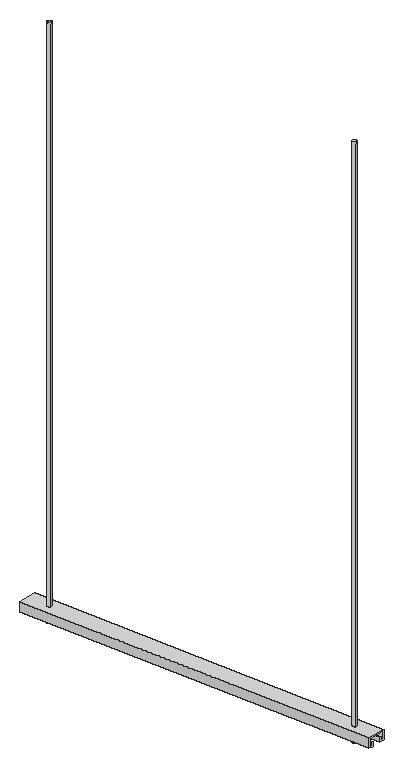
Revit family "LIIS_КрепежВоздуховодов_ТраверсаСоШпильками", category Соединительные детали коробов, Revit 2023
Family settings
  Размер круглого соединителя = Использовать диаметр
  Тип детали = Отвод
  На основе рабочей плоскости = Нет
  Всегда вертикально = Да
  При загрузке вырезать с полостями = Нет
  Общий = Нет
Parameters (values of type "Траверса со шпильками")
  ШпилькаУсиленная = no
  ШпилькаМ = 8 mm
  Ширина воздуховода [instance] = 600 mm
  ТипПрофиля = ♦ : 41x21x1.5
  Расстояние до основания [instance] = 1000 mm
  Профиль41x41x2.5 = ♦ : 41x41x2.5
  Профиль41x41x1.5 = ♦ : 41x41x1.5
  Профиль41x21x2.5 = ♦ : 41x21x2.5
  Профиль41x21x1.5 = ♦ : 41x21x1.5
  Профиль = if(ТипПрофиля = Профиль41x21x1.5, "41x21x1.5", if(ТипПрофиля = Профиль41x21x2.5, "41x21x2.5", if(ТипПрофиля = Профиль41x41x1.5, "41x41x1.5", if(ТипПрофиля = Профиль41x41x2.5, "41x41x2.5", "ТипПрофиля не найден"))))  # "41x21x1.5"
  Отметка по умолчанию = 0 mm
  ЛИИС_ИмяСистемы [instance] = "П1"
  ДлинаАнкера = size_lookup(LT_Анкер, "L", 0 mm, ШпилькаМ)  # 30 mm
  ДополнительнаяГайка = no
  Длина шпильки [instance] = (Высота воздуховода * 0.5 + Расстояние до основания + ДлинаАнкера + B + ВыносШпильки) * 2 / 1000 mm  # 2.527
  Высота воздуховода [instance] = 400 mm
  ВыносШпильки = if(ДополнительнаяГайка, S_Шайба + S_Гайка * 2 + S_Шайба * 2, S_Шайба + S_Гайка + S_Шайба * 2)  # 12.5 mm
  ВылетПрофиля = 100 mm
  X = size_lookup(LT_Профиль, "X", 8 mm, Профиль)  # 10 mm
  W = size_lookup(LT_Профиль, "W", 8 mm, Профиль)  # 9.3 mm
  S_Шайба = size_lookup(LT_Шайба, "s", 0 mm, ШпилькаМ)  # 2 mm
  S_Гайка = size_lookup(LT_Гайка, "m", 0 mm, ШпилькаМ)  # 6.5 mm
  S = size_lookup(LT_Профиль, "S", 1 mm, Профиль)  # 1.5 mm
  LT_Шайба = "Шайба"  # constant formula
  LT_Профиль = "С-образныйПрофиль"  # constant formula
  LT_Гайка = "Гайка"  # constant formula
  LT_Анкер = "Анкер"  # constant formula
  B = size_lookup(LT_Профиль, "B", 20 mm, Профиль)  # 21 mm
  ADSK_Наименование [instance] = size_lookup(LT_Профиль, "", "Решение не найдено", Профиль)  # "Профиль С-образный 41x21x1.5 мм"
  ADSK_Масса [instance] = size_lookup(LT_Профиль, "Massa", 0, Профиль)  # 1.062
  ADSK_Количество [instance] = (Ширина воздуховода + 2 * ВылетПрофиля) / 1000 mm  # 0.8
  ADSK_Единица измерения = "м"  # constant formula
  ADSK_Группирование [instance] = "Крепеж"
  ADSK_URL страницы изделия = "https://www.etm.ru/catalog/1040403670_perfoprofili_s_pokrytiem_holodnyy_cink?conf=33%243105%7C55%2413786%7C989%2468728%7C"
  A = size_lookup(LT_Профиль, "A", 20 mm, Профиль)  # 41 mm
Reference planes
  plane 1 "По центру (Вперед/Назад)": y = 0
  plane 2 "Ось": z = 0
  plane 3 "По центру (Влево/Вправо)": x = 0
  plane 4: x = -300
  plane 5: x = 300
  plane 6 "Верх": z = 200
  plane 7 "Низ": z = -200
  plane 8 "Основание": z = 1000
  plane 9: x = -350
  plane 10: x = -400
  plane 11: x = 350
  plane 12: x = 400
  plane 13: z = -221
  plane 14: z = -233.5
  plane 15: z = -223
  plane 16: z = -229.5
Forms (mm)
  Extrusion 1, solid, material "ADSK_Сталь оцинкованная"
    sketch origin (0, 0, 0) x (0, 1, 0) y (0, 0, 1)
      loop
        line (20.5, -200) -> (-20.5, -200) -> (-20.5, -221) -> (-11.2, -221) -> (-11.2, -211) -> (-12.7, -211) -> (-12.7, -219.5) -> (-19, -219.5) -> (-19, -201.5) -> (19, -201.5) -> (19, -219.5) -> (12.7, -219.5) -> (12.7, -211) -> (11.2, -211) -> (11.2, -221) -> (20.5, -221) -> (20.5, -200)
    from -400 to 400
  Extrusion 2, solid, material "ADSK_Сталь оцинкованная"
    sketch origin (0, 0, 0) x (1, 0, 0) y (0, 1, 0)
      loop
        circle (-350, 0) r 4
      loop
        circle (350, 0) r 4
    from -233.5 to 1000
Dimensions and locks
  equal spacing: plane 6 "Верх", plane 2 "Ось", plane 7 "Низ"
  "Высота воздуховода": plane 6 "Верх" to plane 7 "Низ"
  equal spacing: plane 5, plane 3 "По центру (Влево/Вправо)", plane 4
  "Ширина воздуховода": plane 5 to plane 4
  "Расстояние до основания": plane 8 "Основание" to plane 2 "Ось"
  equal spacing: plane 12, plane 11, plane 5
  "ВылетПрофиля": plane 12 to plane 5
  equal spacing: plane 4, plane 9, plane 10
  "ВылетПрофиля": plane 4 to plane 10
  equal spacing: Extrusion 1 sketch curve, plane 1 "По центру (Вперед/Назад)", Extrusion 1 sketch curve
  "A": Extrusion 1 sketch curve to Extrusion 1 sketch curve
  "S": plane 7 "Низ" to Extrusion 1 sketch curve
  "S": Extrusion 1 sketch curve to Extrusion 1 sketch curve  (x6)
  "B": plane 7 "Низ" to Extrusion 1 sketch curve  (x2)
  "X": Extrusion 1 sketch curve to Extrusion 1 sketch curve  (x2)
  "W": Extrusion 1 sketch curve to Extrusion 1 sketch curve  (x2)
  "B": plane 7 "Низ" to plane 13
  "ВыносШпильки": plane 13 to plane 14
  "S_Шайба": plane 13 to plane 15
  "S_Гайка": plane 15 to plane 16
  "ШпилькаМ": diameter of Extrusion 2 sketch curve  (x2)
  aligned and locked: level to plane 2 "Ось"
  aligned and locked: Extrusion 1 sketch curve to plane 7 "Низ"
  aligned and locked: Extrusion 1 to plane 10
  aligned and locked: Extrusion 1 to plane 12
  aligned and locked: plane 11 to Extrusion 2 sketch curve
  aligned and locked: plane 1 "По центру (Вперед/Назад)" to Extrusion 2 sketch curve  (x2)
  aligned and locked: plane 9 to Extrusion 2 sketch curve
  aligned and locked: plane 8 "Основание" to Extrusion 2
  aligned and locked: Extrusion 2 to plane 14
  aligned and locked: plane 9 to nested 1
  aligned and locked: plane 1 "По центру (Вперед/Назад)" to nested 1
  aligned and locked: plane 2 "Ось" to nested 1
  aligned and locked: plane 9 to nested 3
  aligned and locked: nested 4 to plane 11
  aligned and locked: plane 1 "По центру (Вперед/Назад)" to nested 4
  aligned and locked: plane 1 "По центру (Вперед/Назад)" to nested 3
  aligned and locked: plane 9 to nested 6
  aligned and locked: nested 7 to plane 11
  aligned and locked: plane 1 "По центру (Вперед/Назад)" to nested 7
  aligned and locked: plane 1 "По центру (Вперед/Назад)" to nested 6
  aligned and locked: plane 13 to nested 6
  aligned and locked: plane 15 to nested 3
  aligned and locked: plane 13 to nested 7
  aligned and locked: plane 15 to nested 4
  aligned and locked: plane 16 to nested 2
  aligned and locked: plane 16 to nested 5
  aligned and locked: plane 9 to nested 2
  aligned and locked: nested 5 to plane 11
  aligned and locked: plane 1 "По центру (Вперед/Назад)" to nested 5
  aligned and locked: plane 1 "По центру (Вперед/Назад)" to nested 2
  aligned and locked: plane 9 to nested 8
  aligned and locked: plane 1 "По центру (Вперед/Назад)" to nested 8
  aligned and locked: nested 9 to plane 11
  aligned and locked: plane 1 "По центру (Вперед/Назад)" to nested 9
Nested families
  nested 1: "Влж_КрепежВоздуховодов_ШпилькаРезьбовая" at (-350, 0, 0), M <- "ШпилькаМ", Усиленная <- "ШпилькаУсиленная", ADSK_Группирование <- "ADSK_Группирование", ADSK_Количество <- "Длина шпильки", ЛИИС_ИмяСистемы <- "ЛИИС_ИмяСистемы", type "Шпилька резьбовая метрическая"
    with Усиленная no, ЛИИС_ИмяСистемы "П1", Strong 0, M 8 mm, ADSK_Наименование "Шпилька резьбовая метрическая М8", ADSK_Масса 0.23, ADSK_Количество 2.527, ADSK_Группирование "Крепеж"
  nested 2: "Влж_КрепежВоздуховодов_ГайкаDIN934" at (-350, 0, -236), d <- "ШпилькаМ", ADSK_Группирование <- "ADSK_Группирование", visible <- "ДополнительнаяГайка", ЛИИС_ИмяСистемы <- "ЛИИС_ИмяСистемы", type "Гайка шестигранная DIN934"
    with Пользовательский no, ЛИИС_ИмяСистемы "П1", s 13 mm, m 6.5 mm, d 8 mm, ADSK_Наименование "Гайка шестигранная М8 DIN934", ADSK_Масса 0.0049, ADSK_Группирование "Крепеж"
  nested 3: "Влж_КрепежВоздуховодов_ГайкаDIN934" at (-350, 0, -229.5), d <- "ШпилькаМ", ADSK_Группирование <- "ADSK_Группирование", ЛИИС_ИмяСистемы <- "ЛИИС_ИмяСистемы", type "Гайка шестигранная DIN934"
    with Пользовательский no, ЛИИС_ИмяСистемы "П1", s 13 mm, m 6.5 mm, d 8 mm, ADSK_Наименование "Гайка шестигранная М8 DIN934", ADSK_Масса 0.0049, ADSK_Группирование "Крепеж"
  nested 4: "Влж_КрепежВоздуховодов_ГайкаDIN934" at (350, 0, -229.5), d <- "ШпилькаМ", ADSK_Группирование <- "ADSK_Группирование", ЛИИС_ИмяСистемы <- "ЛИИС_ИмяСистемы", type "Гайка шестигранная DIN934"
    with Пользовательский no, ЛИИС_ИмяСистемы "П1", s 13 mm, m 6.5 mm, d 8 mm, ADSK_Наименование "Гайка шестигранная М8 DIN934", ADSK_Масса 0.0049, ADSK_Группирование "Крепеж"
  nested 5: "Влж_КрепежВоздуховодов_ГайкаDIN934" at (350, 0, -236), d <- "ШпилькаМ", ADSK_Группирование <- "ADSK_Группирование", visible <- "ДополнительнаяГайка", ЛИИС_ИмяСистемы <- "ЛИИС_ИмяСистемы", type "Гайка шестигранная DIN934"
    with Пользовательский no, ЛИИС_ИмяСистемы "П1", s 13 mm, m 6.5 mm, d 8 mm, ADSK_Наименование "Гайка шестигранная М8 DIN934", ADSK_Масса 0.0049, ADSK_Группирование "Крепеж"
  nested 6: "Влж_КрепежВоздуховодов_ШайбаDIN9021" at (-350, 0, -223), M <- "ШпилькаМ", ADSK_Группирование <- "ADSK_Группирование", ЛИИС_ИмяСистемы <- "ЛИИС_ИмяСистемы", type "Шайба увеличенная оцинкованная DIN9021"
    with Пользовательский no, ЛИИС_ИмяСистемы "П1", s 2 mm, d 8.4 mm, M 8 mm, D 24 mm, ADSK_Наименование "Шайба увеличенная оцинкованная М8 DIN9021", ADSK_Масса 0.006, ADSK_Группирование "Крепеж"
  nested 7: "Влж_КрепежВоздуховодов_ШайбаDIN9021" at (350, 0, -223), M <- "ШпилькаМ", ADSK_Группирование <- "ADSK_Группирование", ЛИИС_ИмяСистемы <- "ЛИИС_ИмяСистемы", type "Шайба увеличенная оцинкованная DIN9021"
    with Пользовательский no, ЛИИС_ИмяСистемы "П1", s 2 mm, d 8.4 mm, M 8 mm, D 24 mm, ADSK_Наименование "Шайба увеличенная оцинкованная М8 DIN9021", ADSK_Масса 0.006, ADSK_Группирование "Крепеж"
  nested 8: "Влж_КрепежВоздуховодов_ЗабивнойАнкер" at (-350, 0, 0), M <- "ШпилькаМ", ADSK_Группирование <- "ADSK_Группирование", ЛИИС_ИмяСистемы <- "ЛИИС_ИмяСистемы", type "Анкер забивной с внутренней резьбой"
    with ЛИИС_ИмяСистемы "П1", M 8 mm, ADSK_Наименование "Анкер забивной с внутренней резьбой М8x30", ADSK_Масса 0.0081, ADSK_Группирование "Крепеж"
  nested 9: "Влж_КрепежВоздуховодов_ЗабивнойАнкер" at (350, 0, 0), M <- "ШпилькаМ", ADSK_Группирование <- "ADSK_Группирование", ЛИИС_ИмяСистемы <- "ЛИИС_ИмяСистемы", type "Анкер забивной с внутренней резьбой"
    with ЛИИС_ИмяСистемы "П1", M 8 mm, ADSK_Наименование "Анкер забивной с внутренней резьбой М8x30", ADSK_Масса 0.0081, ADSK_Группирование "Крепеж"
Definition of nested family "Влж_КрепежВоздуховодов_ГайкаDIN934"
  Parameters (values of type "Гайка шестигранная DIN934")
    Пользовательский [instance] = ADSK_Масса = 0  # no
    Default Elevation = 0 mm
    ЛИИС_ИмяСистемы [instance] = ""
    s [instance] = size_lookup(LT, "s", 5 mm, d)  # 13 mm
    m [instance] = size_lookup(LT, "m", 2 mm, d)  # 6.5 mm
    d [instance] = 8 mm
    LT = "Гайка"  # constant formula
    ADSK_Наименование [instance] = size_lookup(LT, "", "Решение не найдено", d)  # "Гайка шестигранная М8 DIN934"
    ADSK_Масса [instance] = size_lookup(LT, "Massa", 0, d)  # 0.0049
    ADSK_Количество = 1  # constant formula
    ADSK_Завод-изготовитель = ""
    ADSK_Единица измерения = "шт."  # constant formula
    ADSK_Группирование [instance] = ""
  Reference planes
    plane 1 "По центру (Вперед/Назад)": y = 0
    plane 2: z = 0
    plane 3 "По центру (Влево/Вправо)": x = 0
    plane 4: z = 6.5
  Forms (mm)
    Extrusion 1, solid
      sketch origin (0, 0, 0) x (1, 0, 0) y (0, 1, 0)
        loop
          line (0, 7.506) -> (-6.5, 3.753) -> (-6.5, -3.753) -> (0, -7.506) -> (6.5, -3.753) -> (6.5, 3.753) -> (0, 7.506)
        loop
          circle (0, 0) r 4
      from 0 to 6.5
  Dimensions and locks
    equal spacing: Extrusion 1 sketch curve, plane 3 "По центру (Влево/Вправо)", Extrusion 1 sketch curve  (x3)
    "m": plane 4 to plane 2
    "s": Extrusion 1 sketch curve to Extrusion 1 sketch curve  (x3)
    "d": diameter of Extrusion 1 sketch curve
    locked: Extrusion 1 sketch curve to Extrusion 1 sketch curve (angle 120.00°)  (x5)
    angle Extrusion 1 sketch curve to Extrusion 1 sketch curve = 120.00°
    aligned and locked: level to plane 2
    aligned and locked: plane 1 "По центру (Вперед/Назад)" to Extrusion 1 sketch curve
    aligned and locked: plane 3 "По центру (Влево/Вправо)" to Extrusion 1 sketch curve
    aligned and locked: plane 4 to Extrusion 1
    aligned and locked: Extrusion 1 to plane 2
Definition of nested family "Влж_КрепежВоздуховодов_ШайбаDIN9021"
  Parameters (values of type "Шайба увеличенная оцинкованная DIN9021")
    Пользовательский [instance] = ADSK_Масса = 0  # no
    Default Elevation = 0 mm
    ЛИИС_ИмяСистемы [instance] = ""
    s [instance] = size_lookup(LT, "s", 1 mm, M)  # 0.8 mm
    d [instance] = size_lookup(LT, "d", 8 mm, M)  # 3.2 mm
    M [instance] = 3 mm
    LT = "Шайба"  # constant formula
    D [instance] = size_lookup(LT, "D", 12 mm, M)  # 9 mm
    ADSK_Наименование [instance] = size_lookup(LT, "", "Решение не найдено", M)  # "Шайба увеличенная оцинкованная М3 DIN9021"
    ADSK_Масса [instance] = size_lookup(LT, "Massa", 0, M)  # 0.0008
    ADSK_Количество = 1  # constant formula
    ADSK_Завод-изготовитель = ""
    ADSK_Единица измерения = "шт."  # constant formula
    ADSK_Группирование [instance] = ""
  Reference planes
    plane 1 "По центру (Вперед/Назад)": y = 0
    plane 2: z = 0
    plane 3 "По центру (Влево/Вправо)": x = 0
    plane 4: z = 0.8
  Forms (mm)
    Extrusion 1, solid
      sketch origin (0, 0, 0) x (1, 0, 0) y (0, 1, 0)
        loop
          circle (0, 0) r 4.5
        loop
          circle (0, 0) r 1.6
      from 0 to 0.8
  Dimensions and locks
    "s": plane 4 to plane 2
    "D": diameter of Extrusion 1 sketch curve
    "d": diameter of Extrusion 1 sketch curve
    aligned and locked: level to plane 2
    aligned and locked: plane 3 "По центру (Влево/Вправо)" to Extrusion 1 sketch curve  (x2)
    aligned and locked: plane 1 "По центру (Вперед/Назад)" to Extrusion 1 sketch curve  (x2)
    aligned and locked: Extrusion 1 to plane 2
    aligned and locked: plane 4 to Extrusion 1
Definition of nested family "Влж_КрепежВоздуховодов_ШпилькаРезьбовая"
  Parameters (values of type "Шпилька резьбовая метрическая")
    Усиленная [instance] = yes
    Default Elevation = 0 mm
    ЛИИС_ИмяСистемы [instance] = ""
    Strong [instance] = if(Усиленная, 1, 0)  # 1
    M [instance] = 4 mm
    LT = "Шпилька"  # constant formula
    ADSK_Наименование [instance] = size_lookup(LT, "", "Решение не найдено", M, Strong)  # "Шпилька резьбовая усиленная метрическая М4"
    ADSK_Масса [instance] = size_lookup(LT, "Massa", 0, M, Strong)  # 0.074
    ADSK_Количество [instance] = 1
    ADSK_Единица измерения = "м"  # constant formula
    ADSK_Группирование [instance] = ""
  Reference planes
    plane 1 "По центру (Вперед/Назад)": y = 0
    plane 2 "Центрирование (Вверх/Вниз)": z = 0
    plane 3 "По центру (Влево/Вправо)": x = 0
  Dimensions and locks
    aligned and locked: level to plane 2 "Центрирование (Вверх/Вниз)"
Definition of nested family "Влж_КрепежВоздуховодов_ЗабивнойАнкер"
  Parameters (values of type "Анкер забивной с внутренней резьбой")
    Default Elevation = 0 mm
    ЛИИС_ИмяСистемы [instance] = ""
    M [instance] = 8 mm
    LT = "Анкер"  # constant formula
    ADSK_Наименование [instance] = size_lookup(LT, "", "Решение не найдено", M)  # "Анкер забивной с внутренней резьбой М8x30"
    ADSK_Масса [instance] = size_lookup(LT, "Massa", 0, M)  # 0.0081
    ADSK_Количество = 1  # constant formula
    ADSK_Завод-изготовитель = ""
    ADSK_Единица измерения = "шт."  # constant formula
    ADSK_Группирование [instance] = ""
  Reference planes
    plane 1 "По центру (Вперед/Назад)": y = 0
    plane 2: z = 0
    plane 3 "По центру (Влево/Вправо)": x = 0
  Dimensions and locks
    aligned and locked: level to plane 2
